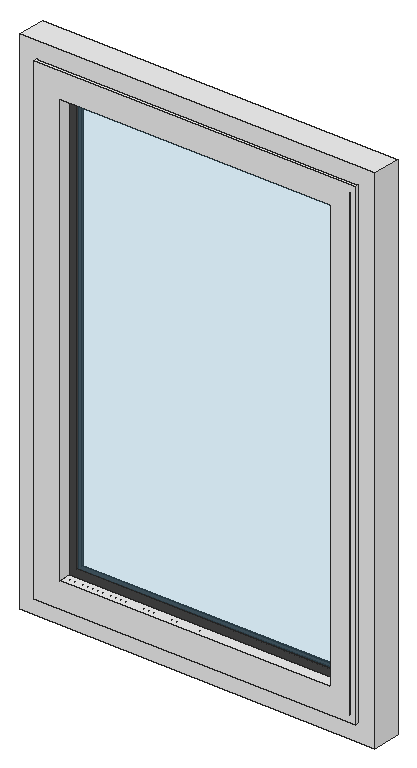
Revit family "Window_System_Solutions-NanaWall-SL-88_Tilt_Turn_Window", category Windows, host Wall, Revit 2013
Parameters (values of type "Fixed Window")
  Width = 36"
  Warranty URL = "http://www.nanawall.com/support/warranty"
  URL = "http://www.nanawall.com"
  Subcategory = "Window"  # constant formula
  Sash = Metal - NanaWall - Aluminum
  Rough Width = Width - 1 25/64"  # 34 39/64"
  Rough Height = Height - 1 25/64"  # 52 39/64"
  Product Page URL = "http://www.nanawall.com/products/sl80/matching-windows"
  Product Documentation Link = "http://www.nanawall.com/cad/configuration/details?id=24&name=SL88&typ=match&cid=457&key=Tilt%20Turn%20Window"
  NanaWall Configurator = "http://www.nanawall.com/content/select-wizard"
  Model = "SL-88 Tilt Turn Window"  # constant formula
  Material = ""
  Manufacturer Toll Free Phone = "(888) 411-NANA(6262)"  # constant formula
  Manufacturer Phone = "(415) 383-3148"  # constant formula
  Manufacturer Fax = "(415) 383-0312"  # constant formula
  Manufacturer Email = "mailto:info@nanawall.com"
  Manufacturer Address = "100 Meadowcreek Drive #250, Corte Madera, CA 94925"  # constant formula
  Manufacturer = "NanaWall Systems, Inc."  # constant formula
  Installation and Service URL = "http://www.nanawall.com/support/installer"
  Height = 54"
  Glazing Options = "http://www.nanawall.com/products/sl48/glazing"
  Glass Material = Glass - NanaWall - Generic
  Filler = Rubber - NanaWall - Black
  Exterior Wall Offset = 3"
  Disclaimer = "Please note that the Revit model is for schematic purposes only.  To obtain a detailed 3D model, please go to the NanaWall's configurator at www.nanawall.com."  # constant formula
  Description = "Monumental Aluminum Framed Matching Windows and Doors"  # constant formula
  Wall Closure = By host
  Default Sill Height = 30"
  Assembly Code = ""
  95 CSI = "8411"  # constant formula
  04 CSI = "08 52 00"  # constant formula
Reference planes (in)
  plane 1 "Center (Front/Back)": y = 0
  plane 2: z = 0
  plane 3 "Center (Left/Right)": x = 0
  plane 4 "Left": x = -18
  plane 5 "Right": x = 18
  plane 6 "Sill": z = 30
  plane 7 "Top": z = 84
  plane 8: y = 1.125
  plane 9: y = 2
  plane 10: x = -15.640625
  plane 11: x = 15.640625
  plane 12: x = -19.875
  plane 13: x = 19.875
  plane 14: z = 85.875
  plane 15: z = 28.125
Forms (in)
  Sweep 1, solid, material "Metal - NanaWall - Aluminum" <- "Sash"
    path origin (18, 2, 48) x (1, 0, 0) y (0, 0, 1)
      loop
        line (-36, 36) -> (-36, -18) -> (0, -18) -> (0, 36) -> (-36, 36)
    profile "Frame : Frame" origin (0, 2, 84) x (0, 0, 1) y (0, -1, 0)
      loop
        line (1.875, -1.5625) -> (1.875, 1.5625) -> (0, 1.5625) -> (0, 1.953125) -> (-2.8125, 1.953125) -> (-2.8125, 0.6640625) -> (-2.4726563, 0.6640625) -> (-2.4726563, 0.8200336) -> (-2.5976563, 0.8203125) -> (-2.5976563, 1.2304688) -> (-2.7460938, 1.2304688) -> (-2.7460938, 1.875) -> (-2.0962196, 1.875) -> (-2.0125033, 1.4165066) -> (-2.109375, 1.3905499) -> (-2.109375, -0.703125) -> (-2.8125, -0.7012771) -> (-2.8125, -0.8984375)
        arc (-2.8125, -0.8984375) -> (-2.732412, -1.091787) -> (-2.5390625, -1.171875) r 0.2734375
        line (-2.5390625, -1.171875) -> (-1.2695313, -1.171875) -> (-1.2695313, -0.9375) -> (-1.0546875, -0.9375) -> (-1.0546875, -0.8789062) -> (-1.3867188, -0.8789062) -> (-1.3867188, -0.5859375) -> (-1.0546875, -0.5859375) -> (-1.0546875, -0.2854036) -> (-1.0047948, -0.2565981) -> (-0.8290136, -0.2148438) -> (-0.8290136, 0.4073588) -> (-1.0231708, 0.46252) -> (-1.0546875, 0.4807161) -> (-1.0546875, 0.703125) -> (-0.6835938, 0.703125) -> (-0.6835938, 1.8828125) -> (-0.2929688, 1.8828125) -> (-0.2929688, 1.7916854) -> (-0.234375, 1.7916854) -> (-0.234375, -1.09375) -> (-0.9375, -1.09375) -> (-0.9375, -1.2890625)
        arc (-0.9375, -1.2890625) -> (-0.857412, -1.482412) -> (-0.6640625, -1.5625) r 0.2734375
        line (-0.6640625, -1.5625) -> (1.875, -1.5625)
  Extrusion 2, void
    sketch origin (0, 0, 0) x (1, 0, 0) y (0, 0, 1)
      loop
        line (-19.875, 85.875) -> (-19.875, 28.125) -> (19.875, 28.125) -> (19.875, 85.875) -> (-19.875, 85.875)
    from -5 to 5
  Sweep 3, solid, material "Rubber - NanaWall - Black" <- "Filler"
    path origin (18, 2, 48) x (1, 0, 0) y (0, 0, 1)
      loop
        line (-36, 36) -> (-36, -18) -> (0, -18) -> (0, 36) -> (-36, 36)
    profile origin (0, 2, 84) x (0, 0, 1) y (0, -1, 0)
      loop
        line (-2.109375, -0.5167168) -> (-2.109375, 0.2957832) -> (-3.484375, 0.2957832) -> (-3.484375, 0.1395332) -> (-2.359375, 0.1395332) -> (-2.359375, -0.3604668) -> (-3.484375, -0.3604668) -> (-3.484375, -0.5167168) -> (-2.109375, -0.5167168)
  Extrusion 4, solid, material "Glass - NanaWall - Generic" <- "Glass Material"
    sketch origin (-18, 0, 0) x (0, -1, 0) y (0, 0, 1)
      loop
        line (-2.3604668, 81.640625) -> (-2.3604668, 32.359375) -> (-1.8604668, 32.359375) -> (-1.8604668, 81.640625) -> (-2.3604668, 81.640625)
    from -33.640625 to -2.359375
Lines and regions (in)
  Masking region 1
    outline origin (0, 0, 0) x (1, 0, 0) y (0, 1, 0)
      loop
        line (-19.875, 3.5625) -> (-19.875, 0.4375) -> (-18, 0.4375) -> (-18, 0.046875) -> (18, 0.046875) -> (18, 0.4375) -> (19.875, 0.4375) -> (19.875, 3.5625) -> (-19.875, 3.5625)
  Masking region 2
    outline origin (0, 0, 0) x (1, 0, 0) y (0, 1, 0)
      loop
        line (-15.890625, 2.5167168) -> (-15.890625, 1.7042168) -> (15.890625, 1.7042168) -> (15.890625, 2.5167168) -> (-15.890625, 2.5167168)
  Masking region 3, detail levels medium+fine
    outline origin (0, 0, 0) x (1, 0, 0) y (0, 1, 0)
      loop
        line (-15.640625, 2.3604668) -> (-15.640625, 1.8604668) -> (15.640625, 1.8604668) -> (15.640625, 2.3604668) -> (-15.640625, 2.3604668)
  symbolic lines, detail levels coarse+medium
    curve 1: line (-15.890625, 0.046875, 0) -> (-15.890625, 3.5625, 0)
    curve 2: line (15.890625, 0.046875, 0) -> (15.890625, 3.5625, 0)
  symbolic lines, detail levels fine
    curve 3: line (-15.4609375, 3.171875, 0) -> (15.4609375, 3.171875, 0)
Text (in)
  text "EXTERIOR" at (-58.6887958, 50.9069435, 0), in view "Ref. Level"
  text "INTERIOR" at (-58.6887958, -37.7663834, 0), in view "Ref. Level"
  text "Exterior" at (0, 43.6563107, 123.1960383), in view "Left"
  text "Exterior" at (0, 18.2938457, 125.0474676), in view "Right"
Dimensions and locks (in)
  equal spacing: plane 4 "Left", plane 3 "Center (Left/Right)", plane 5 "Right"
  "Width": plane 4 "Left" to plane 5 "Right"
  "Height": plane 6 "Sill" to plane 7 "Top"
  "Default Sill Height": plane 2 to plane 6 "Sill"
  locked: plane 8 to plane 9 at 0.875
  "Exterior Wall Offset": plane 9 to host wall
  locked: Extrusion 4 sketch curve to plane 7 "Top" at 2.359375
  locked: plane 6 "Sill" to Extrusion 4 sketch curve at 2.359375
  locked: plane 11 to plane 5 "Right" at 2.359375
  locked: plane 4 "Left" to plane 10 at 2.359375
  Sweep 3 sketch curve to Sweep 3 sketch curve to Sweep 3 sketch curve to Sweep 3 sketch curve to plane 7 "Top" = 0" locked, 1 1/8" locked, 1/4" locked, 2 7/64" locked
  Sweep 3 sketch curve to Sweep 3 sketch curve to plane 9 to Sweep 3 sketch curve to Sweep 3 sketch curve = 5/32" locked, 0.36047" locked, 0.13953" locked, 5/32" locked
  Extrusion 4 sketch curve to plane 9 to Extrusion 4 sketch curve = 0.36047" locked, 0.13953" locked
  locked: plane 11 to Masking region 2 sketch curve at 0.25
  locked: Masking region 2 sketch curve to plane 10 at 0.25
  Masking region 2 sketch curve to plane 9 to Masking region 2 sketch curve = 0.29578" locked, 0.51672" locked
  Masking region 3 sketch curve to plane 9 to Masking region 3 sketch curve = 0.13953" locked, 0.36047" locked
  Masking region 1 sketch curve to Masking region 1 sketch curve to plane 9 to Masking region 1 sketch curve = 25/64" locked, 1 9/16" locked, 1 9/16" locked
  locked: Masking region 1 sketch curve to plane 8 at 0.6875
  locked: plane 5 "Right" to Masking region 1 sketch curve at 1.875
  locked: Masking region 1 sketch curve to plane 4 "Left" at 1.875
  locked: plane 5 "Right" to plane 13 at 1.875
  locked: plane 12 to plane 4 "Left" at 1.875
  locked: plane 6 "Sill" to plane 15 at 1.875
  locked: plane 7 "Top" to plane 14 at 1.875
  aligned and locked: level to plane 2
  aligned and locked: plane 7 "Top" to Sweep 1 sketch curve
  aligned and locked: plane 5 "Right" to Sweep 1 sketch curve
  aligned and locked: Sweep 1 sketch curve to plane 4 "Left"
  aligned and locked: Sweep 1 sketch curve to plane 6 "Sill"
  aligned and locked: host wall to Extrusion 2  (x2)
  aligned and locked: plane 7 "Top" to Sweep 3 sketch curve
  aligned and locked: Sweep 3 sketch curve to plane 4 "Left"
  aligned and locked: plane 11 to Extrusion 4
  aligned and locked: plane 10 to Extrusion 4
  aligned and locked: nested 2 to plane 9
  aligned and locked: plane 9 to nested 1
  aligned and locked: plane 5 "Right" to nested 1
  aligned and locked: plane 6 "Sill" to nested 4
  aligned and locked: plane 7 "Top" to nested 3
  aligned and locked: plane 9 to nested 3
  aligned and locked: nested 4 to plane 9
  aligned and locked: Masking region 1 sketch curve to plane 5 "Right"
  aligned and locked: plane 4 "Left" to Masking region 1 sketch curve
  aligned and locked: Masking region 3 sketch curve to plane 11
  aligned and locked: Masking region 3 sketch curve to plane 10
  aligned and locked: Sweep 1 to curve 1
  aligned and locked: Sweep 1 to curve 2
  aligned and locked: plane 5 "Right" to Sweep 3 sketch curve
  aligned and locked: Sweep 3 sketch curve to plane 6 "Sill"
  aligned and locked: Extrusion 2 sketch curve to plane 13
  aligned and locked: plane 14 to Extrusion 2 sketch curve
  aligned and locked: plane 12 to Extrusion 2 sketch curve
  aligned and locked: Extrusion 2 sketch curve to plane 15
Automatic sketch dimensions
  plane 10 to curve 1 = 1/4"
  curve 3 to plane 10 = 23/128"
  curve 3 to plane 11 = 23/128"
  plane 11 to curve 2 = 1/4"
  curve 3 to plane 9 = 1 11/64"
  curve 3 to curve 2 = 25/64"
  curve 3 to curve 1 = 25/64"
Nested families (in)
  nested 1: "SL 88 Tilt Turn Detail" at (18, 2, 0) x (0, -1, 0) z (0, 0, 1), type "SL 88 Tilt Turn Detail", detail levels fine
  nested 2: "SL 88 Tilt Turn Detail" at (-18, 2, 0) x (0, -1, 0) z (0, 0, 1), type "SL 88 Tilt Turn Detail", detail levels fine
  nested 3: "SL 88 Tilt Turn Detail" at (-18, 2, 84) x (0, -1, 0) z (-1, 0, 0), type "SL 88 Tilt Turn Detail", detail levels fine
  nested 4: "SL 88 Tilt Turn Detail" at (-18, 2, 30) x (0, -1, 0) z (-1, 0, 0), type "SL 88 Tilt Turn Detail", detail levels fine
Definition of nested family "SL 88 Tilt Turn Detail"
  Reference planes (in)
    plane 1 "Center (Front/Back)": y = 0
    plane 2: z = 0
    plane 3 "Center (Left/Right)": x = 0
  Lines and regions (in)
    detail lines, in view "Ref. Level"
      curve 1: line (1.5625, -0.234375, 0) -> (1.5625, 1.875, 0)
      curve 2: line (1.171875, 1.8164062, 0) -> (1.171875, 1.875, 0)
      curve 3: line (1.2695312, 1.8164062, 0) -> (1.171875, 1.8164062, 0)
      curve 4: line (1.2695312, 1.640625, 0) -> (1.2695312, 1.8164062, 0)
      curve 5: line (0.6835937, 1.640625, 0) -> (1.2695312, 1.640625, 0)
      curve 6: line (0.6835937, 1.640625, 0) -> (0.6835937, 1.8164062, 0)
      curve 7: line (0.6835937, 1.8164062, 0) -> (0.78125, 1.8164062, 0)
      curve 8: line (0.78125, 1.8164062, 0) -> (0.78125, 1.875, 0)
      curve 9: line (0.78125, 1.875, 0) -> (0.4310898, 1.875, 0)
      curve 10: line (0.4885194, 1.775529, 0) -> (0.4310898, 1.875, 0)
      curve 11: line (0.4885194, 1.775529, 0) -> (0.3881742, 1.6751838, 0)
      curve 12: line (0.2910156, 1.850965, 0) -> (0.1582031, 1.850965, 0)
      curve 13: line (0.3881742, 1.6751838, 0) -> (0.2441406, 1.6751838, 0)
      curve 14: line (0.2441406, 1.6751838, 0) -> (0.2441406, 1.8119025, 0)
      curve 15: line (0.2441406, 1.8119025, 0) -> (0.2910156, 1.8119025, 0)
      curve 16: line (0.2050781, 1.8119025, 0) -> (0.1582031, 1.8119025, 0)
      curve 17: line (0.2050781, 1.8119025, 0) -> (0.2050781, 1.6751838, 0)
      curve 18: line (0.2050781, 1.6751838, 0) -> (-0.2050781, 1.6751838, 0)
      curve 19: line (-0.2050781, 1.6751838, 0) -> (-0.2050781, 1.8119025, 0)
      curve 20: line (-0.2050781, 1.8119025, 0) -> (-0.1582031, 1.8119025, 0)
      curve 21: line (-0.1582031, 1.850965, 0) -> (-0.2910156, 1.850965, 0)
      curve 22: line (-0.2910156, 1.8119025, 0) -> (-0.2441406, 1.8119025, 0)
      curve 23: line (-0.2441406, 1.8119025, 0) -> (-0.2441406, 1.6751838, 0)
      curve 24: line (-0.2441406, 1.6751838, 0) -> (-0.3881742, 1.6751838, 0)
      curve 25: line (-0.3881742, 1.6751838, 0) -> (-0.488603, 1.7756126, 0)
      curve 26: line (-0.488603, 1.7756126, 0) -> (-0.4312216, 1.875, 0)
      curve 27: line (-0.78125, 1.875, 0) -> (-0.4312216, 1.875, 0)
      curve 28: line (-0.78125, 1.875, 0) -> (-0.78125, 1.8164062, 0)
      curve 29: line (-0.78125, 1.8164062, 0) -> (-0.6835938, 1.8164062, 0)
      curve 30: line (-0.6835938, 1.8164062, 0) -> (-0.6835938, 1.640625, 0)
      curve 31: line (-0.6835938, 1.640625, 0) -> (-1.2695313, 1.640625, 0)
      curve 32: line (-1.2695313, 1.640625, 0) -> (-1.2695313, 1.8164062, 0)
      curve 33: line (-1.2695313, 1.8164062, 0) -> (-1.171875, 1.8164062, 0)
      curve 34: line (-1.171875, 1.8164062, 0) -> (-1.171875, 1.875, 0)
      curve 35: line (-1.171875, 1.875, 0) -> (-1.3789063, 1.875, 0)
      curve 36: line (-1.5625, 1.875, 0) -> (-1.5625, -0.6640625, 0)
      curve 37: line (0.9999249, -0.234375, 0) -> (0.442498, -0.234375, 0)
      curve 38: line (0.4985075, -0.1373636, 0) -> (0.442498, -0.234375, 0)
      curve 39: line (0.4985075, -0.1373636, 0) -> (0.3224036, -0.073267, 0)
      curve 40: line (0.2441406, -0.073267, 0) -> (0.2441406, -0.229517, 0)
      curve 41: line (0.2441406, -0.229517, 0) -> (0.1542969, -0.229517, 0)
      curve 42: line (0.1542969, -0.1904545, 0) -> (0.2050781, -0.1904545, 0)
      curve 43: line (0.2050781, -0.1904545, 0) -> (0.2050781, -0.073267, 0)
      curve 44: line (0.2050781, -0.073267, 0) -> (-0.2050781, -0.073267, 0)
      curve 45: line (-0.3224036, -0.073267, 0) -> (-0.2441406, -0.073267, 0)
      curve 46: line (-0.3224036, -0.073267, 0) -> (-0.4999468, -0.1378875, 0)
      curve 47: line (-0.4999468, -0.1378875, 0) -> (-0.437287, -0.234375, 0)
      curve 48: line (0.3224036, -0.073267, 0) -> (0.2441406, -0.073267, 0)
      curve 49: line (0.447072, -0.0055163, 0) -> (0.3542543, 0.1552486, 0)
      curve 50: line (0.3542543, 0.1552486, 0) -> (0.3125, 0.3310298, 0)
      curve 51: line (0.3125, 0.3310298, 0) -> (-0.3125, 0.3310298, 0)
      curve 52: line (0.447072, -0.0055163, 0) -> (0.6054688, 0.0973478, 0)
      curve 53: line (0.6054688, 0.9441541, 0) -> (0.6054688, 1.5251636, 0)
      curve 54: line (0.6054688, 1.5251636, 0) -> (0.4132844, 1.6361213, 0)
      curve 55: line (0.4132844, 1.6361213, 0) -> (0.2725592, 1.6361213, 0)
      curve 56: line (0.2725592, 1.6361213, 0) -> (0.2725592, 0.7494025, 0)
      curve 57: line (0.2725592, 0.7494025, 0) -> (0.3644465, 0.7494025, 0)
      curve 58: line (0.3644465, 0.7494025, 0) -> (0.4456363, 0.8900275, 0)
      curve 59: line (0.6054688, 0.9441541, 0) -> (0.5117188, 0.8900275, 0)
      curve 60: line (0.5117188, 0.8900275, 0) -> (0.4456363, 0.8900275, 0)
      curve 61: line (0.6054688, 0.7586858, 0) -> (0.5167045, 0.8099338, 0)
      curve 62: line (0.5167045, 0.8099338, 0) -> (0.471563, 0.8099338, 0)
      curve 63: line (0.4140625, 0.71034, 0) -> (0.471563, 0.8099338, 0)
      curve 64: line (0.4140625, 0.71034, 0) -> (-0.6054688, 0.71034, 0)
      curve 65: line (1.484375, 1.5703125, 0) -> (0.6835937, 1.5703125, 0)
      curve 66: line (0.6835937, 1.5703125, 0) -> (0.6835937, 0.2304687, 0)
      curve 67: line (0.6835937, -0.1640625, 0) -> (0.8671875, -0.1640625, 0)
      curve 68: line (0.8671875, -0.1640625, 0) -> (0.8671875, 0.03125, 0)
      curve 69: line (1.484375, 0.03125, 0) -> (0.8671875, 0.03125, 0)
      curve 70: line (1.484375, 0.03125, 0) -> (1.484375, 0.1601562, 0)
      curve 71: line (-0.6835938, 1.5703125, 0) -> (-0.6835938, 0.2304687, 0)
      curve 72: line (-0.6835938, 0.2304687, 0) -> (-1.484375, 0.2304687, 0)
      curve 73: line (-1.484375, 0.2304687, 0) -> (-1.484375, 1.5703125, 0)
      curve 74: line (-1.484375, 1.5703125, 0) -> (-0.6835938, 1.5703125, 0)
      curve 75: line (-1.1523437, 0.1601562, 0) -> (-1.484375, 0.1601562, 0)
      curve 76: line (-1.484375, 0.1601562, 0) -> (-1.484375, -0.0859375, 0)
      curve 77: line (-1.2695312, -0.859375, 0) -> (-1.2695312, -0.5463918, 0)
      curve 78: line (-1.1523437, -0.5463918, 0) -> (-1.2695312, -0.5463918, 0)
      curve 79: line (-1.1523437, -0.5463918, 0) -> (-1.1523437, -0.1445313, 0)
      curve 80: arc (-1.484375, -0.6640625, 0) -> (-1.4199159, -0.8089778, 0) -> (-1.2695312, -0.859375, 0) r 0.1969307
      curve 81: arc (-1.2890625, -0.9375, 0) -> (-1.482412, -0.857412, 0) -> (-1.5625, -0.6640625, 0) r 0.2734375
      curve 82: line (-1.09375, -0.9375, 0) -> (-1.09375, -0.8398438, 0)
      curve 83: line (-1.09375, 0.1601562, 0) -> (-0.6835938, 0.1601562, 0)
      curve 84: line (-0.6835938, 0.1601562, 0) -> (-0.6835938, -0.234375, 0)
      curve 85: line (-0.6054688, 0.71034, 0) -> (-0.6054688, 0.0973478, 0)
      curve 86: line (1.484375, -0.165628, 0) -> (1.484375, -0.0390625, 0)
      curve 87: line (1.484375, -0.0390625, 0) -> (0.9375, -0.0390625, 0)
      curve 88: line (0.9375, -0.0390625, 0) -> (0.9375, -0.165628, 0)
      curve 89: line (-1.2890625, -0.9375, 0) -> (-1.09375, -0.9375, 0)
      curve 90: line (0.2910156, 1.8119025, 0) -> (0.2910156, 1.850965, 0)
      curve 91: line (0.1582031, 1.850965, 0) -> (0.1582031, 1.8119025, 0)
      curve 92: line (-0.1582031, 1.850965, 0) -> (-0.1582031, 1.8119025, 0)
      curve 93: line (-0.2910156, 1.850965, 0) -> (-0.2910156, 1.8119025, 0)
      curve 94: line (0.6054688, 0.0973478, 0) -> (0.6054688, 0.7586858, 0)
      curve 95: line (0.1542969, -0.229517, 0) -> (0.1542969, -0.1904545, 0)
      curve 96: line (-0.2441406, -0.073267, 0) -> (-0.2441406, -0.229517, 0)
      curve 97: line (-0.2441406, -0.229517, 0) -> (-0.1542969, -0.229517, 0)
      curve 98: line (-0.1542969, -0.1904545, 0) -> (-0.2050781, -0.1904545, 0)
      curve 99: line (-0.2050781, -0.1904545, 0) -> (-0.2050781, -0.073267, 0)
      curve 100: line (-0.1542969, -0.229517, 0) -> (-0.1542969, -0.1904545, 0)
      curve 101: line (-0.6835938, -0.234375, 0) -> (-0.437287, -0.234375, 0)
      curve 102: line (-0.447072, -0.0055163, 0) -> (-0.3542543, 0.1552486, 0)
      curve 103: line (-0.3542543, 0.1552486, 0) -> (-0.3125, 0.3310298, 0)
      curve 104: line (-0.447072, -0.0055163, 0) -> (-0.6054688, 0.0973478, 0)
      curve 105: line (-0.6054687, 0.9441541, 0) -> (-0.6054687, 1.5251636, 0)
      curve 106: line (-0.6054687, 1.5251636, 0) -> (-0.4132844, 1.6361213, 0)
      curve 107: line (-0.4132844, 1.6361213, 0) -> (-0.2725592, 1.6361213, 0)
      curve 108: line (-0.2725592, 1.6361213, 0) -> (-0.2725592, 0.7494025, 0)
      curve 109: line (-0.2725592, 0.7494025, 0) -> (-0.3644465, 0.7494025, 0)
      curve 110: line (-0.3644465, 0.7494025, 0) -> (-0.4456363, 0.8900275, 0)
      curve 111: line (-0.6054687, 0.9441541, 0) -> (-0.5117188, 0.8900275, 0)
      curve 112: line (-0.5117188, 0.8900275, 0) -> (-0.4456363, 0.8900275, 0)
      curve 113: line (1.484375, 0.2304687, 0) -> (1.3867188, 0.2304687, 0)
      curve 114: line (1.484375, 0.1601562, 0) -> (1.3867188, 0.1601562, 0)
      curve 115: line (1.3867188, 0.1601562, 0) -> (1.3867188, 0.2304687, 0)
      curve 116: line (0.6835937, 0.2304687, 0) -> (0.78125, 0.2304687, 0)
      curve 117: line (0.78125, 0.2304687, 0) -> (0.78125, 0.1601562, 0)
      curve 118: line (0.78125, 0.1601562, 0) -> (0.6835937, 0.1601562, 0)
      curve 119: line (-1.3359375, 1.8359375, 0) -> (-1.3789063, 1.8359375, 0)
      curve 120: line (-1.3789063, 1.875, 0) -> (-1.3789063, 1.8359375, 0)
      curve 121: line (-1.3359375, 1.8359375, 0) -> (-1.3359375, 1.6679687, 0)
      curve 122: line (-1.3359375, 1.6679687, 0) -> (-1.5039063, 1.6679687, 0)
      curve 123: line (-1.5039063, 1.6679687, 0) -> (-1.5039063, 1.875, 0)
      curve 124: line (-1.1523437, -0.1445313, 0) -> (-1.2304687, -0.1445313, 0)
      curve 125: line (-1.1523437, -0.0859375, 0) -> (-1.2304687, -0.0859375, 0)
      curve 126: line (-1.2304687, -0.0859375, 0) -> (-1.2304687, -0.1445313, 0)
      curve 127: line (-1.484375, -0.5463918, 0) -> (-1.40625, -0.5463918, 0)
      curve 128: line (-1.40625, -0.5463918, 0) -> (-1.40625, -0.6054688, 0)
      curve 129: line (-1.484375, -0.6054688, 0) -> (-1.40625, -0.6054688, 0)
      curve 130: line (-1.484375, -0.1445313, 0) -> (-1.40625, -0.1445313, 0)
      curve 131: line (-1.484375, -0.0859375, 0) -> (-1.40625, -0.0859375, 0)
      curve 132: line (-1.40625, -0.1445313, 0) -> (-1.40625, -0.0859375, 0)
      curve 133: line (-1.09375, -0.234375, 0) -> (-0.9790465, -0.234375, 0)
      curve 134: line (-1.09375, -0.1757813, 0) -> (-0.9790465, -0.1757813, 0)
      curve 135: line (-0.9790465, -0.1757813, 0) -> (-0.9790465, -0.234375, 0)
      curve 136: line (-1.09375, -0.8398438, 0) -> (-1.1328125, -0.8398438, 0)
      curve 137: line (-1.1328125, -0.8398438, 0) -> (-1.1328125, -0.8884595, 0)
      curve 138: line (-1.1328125, -0.8884595, 0) -> (-1.2109375, -0.8884595, 0)
      curve 139: line (-1.2109375, -0.8884595, 0) -> (-1.2109375, -0.6054688, 0)
      curve 140: line (-1.2109375, -0.6054688, 0) -> (-1.1328125, -0.6054688, 0)
      curve 141: line (-1.1328125, -0.6054688, 0) -> (-1.1328125, -0.6835938, 0)
      curve 142: line (-1.1328125, -0.6835938, 0) -> (-1.09375, -0.6835938, 0)
      curve 143: line (-1.09375, -0.6835938, 0) -> (-1.09375, -0.234375, 0)
      curve 144: line (-1.484375, -0.1445313, 0) -> (-1.484375, -0.5463918, 0)
      curve 145: line (-1.484375, -0.6054688, 0) -> (-1.484375, -0.6640625, 0)
      curve 146: line (-1.1523437, -0.0859375, 0) -> (-1.1523437, 0.1601562, 0)
      curve 147: line (-1.09375, -0.1757813, 0) -> (-1.09375, 0.1601562, 0)
      curve 148: line (1.484375, 0.2304687, 0) -> (1.484375, 1.5703125, 0)
      curve 149: line (0.6835937, 0.1601562, 0) -> (0.6835937, -0.1640625, 0)
      curve 150: line (-1.5039063, 1.875, 0) -> (-1.5625, 1.875, 0)
      curve 151: line (1.171875, 1.875, 0) -> (1.3789063, 1.875, 0)
      curve 152: line (1.3359375, 1.8359375, 0) -> (1.3789063, 1.8359375, 0)
      curve 153: line (1.3789063, 1.875, 0) -> (1.3789063, 1.8359375, 0)
      curve 154: line (1.3359375, 1.8359375, 0) -> (1.3359375, 1.6679687, 0)
      curve 155: line (1.3359375, 1.6679687, 0) -> (1.5039063, 1.6679687, 0)
      curve 156: line (1.5039063, 1.6679687, 0) -> (1.5039063, 1.875, 0)
      curve 157: line (1.5039063, 1.875, 0) -> (1.5625, 1.875, 0)
      curve 158: line (1.5625, -0.234375, 0) -> (1.3867188, -0.234375, 0)
      curve 159: line (1.484375, -0.165628, 0) -> (1.3867188, -0.165628, 0)
      curve 160: line (1.3867188, -0.165628, 0) -> (1.3867188, -0.234375, 0)
      curve 161: line (0.9999249, -0.234375, 0) -> (0.9999249, -0.165628, 0)
      curve 162: line (0.9999249, -0.165628, 0) -> (0.9375, -0.165628, 0)
      curve 163: line (-1.171875, -1.2695313, 0) -> (-1.171875, -2.5390625, 0)
      curve 164: arc (-1.171875, -2.5390625, 0) -> (-1.091787, -2.732412, 0) -> (-0.8984375, -2.8125, 0) r 0.2734375
      curve 165: line (-0.8984375, -2.8125, 0) -> (-0.7012771, -2.8125, 0)
      curve 166: line (-0.7012771, -2.8125, 0) -> (-0.7012771, -2.7148438, 0)
      curve 167: line (-0.7012771, -2.7148438, 0) -> (-0.7421875, -2.7148438, 0)
      curve 168: line (-0.7421875, -2.7148438, 0) -> (-0.7421875, -2.7617188, 0)
      curve 169: line (-0.7421875, -2.7617188, 0) -> (-0.8203125, -2.7617188, 0)
      curve 170: line (-0.8203125, -2.7617188, 0) -> (-0.8203125, -2.5117188, 0)
      curve 171: line (-0.8203125, -2.5117188, 0) -> (-0.7421875, -2.5117188, 0)
      curve 172: line (-0.7421875, -2.5117188, 0) -> (-0.7421875, -2.5585938, 0)
      curve 173: line (-0.7421875, -2.5585938, 0) -> (-0.703125, -2.5585938, 0)
      curve 174: line (-0.703125, -2.5585938, 0) -> (-0.703125, -2.109375, 0)
      curve 175: line (-0.703125, -2.109375, 0) -> (-0.5859375, -2.109375, 0)
      curve 176: line (-0.5859375, -2.109375, 0) -> (-0.5859375, -2.0507813, 0)
      curve 177: line (-0.703125, -2.0507813, 0) -> (-0.5859375, -2.0507813, 0)
      curve 178: line (-0.703125, -2.0507813, 0) -> (-0.703125, -1.9296875, 0)
      curve 179: line (-0.703125, -1.9296875, 0) -> (-0.4296875, -1.9296875, 0)
      curve 180: line (-0.4296875, -1.9296875, 0) -> (-0.4296875, -2.109375, 0)
      curve 181: line (-0.4296875, -2.109375, 0) -> (-0.1885918, -2.109375, 0)
      curve 182: line (-1.171875, -1.2695313, 0) -> (-1.1132812, -1.2695313, 0)
      curve 183: line (-1.1132812, -1.2695313, 0) -> (-1.1132812, -1.3867188, 0)
      curve 184: line (-1.1132812, -1.3867188, 0) -> (-0.9375, -1.3867188, 0)
      curve 185: line (-0.9375, -1.3867188, 0) -> (-0.9375, -1.0839844, 0)
      curve 186: arc (-0.9375, -1.0839844, 0) -> (-0.9082031, -1.0546875, 0) -> (-0.8789062, -1.0839844, 0) r 0.0292969
      curve 187: line (-0.8789062, -1.0839844, 0) -> (-0.8789062, -1.3867188, 0)
      curve 188: line (-0.8789062, -1.3867188, 0) -> (-0.5859375, -1.3867188, 0)
      curve 189: line (-0.5859375, -1.3867188, 0) -> (-0.5859375, -1.0546875, 0)
      curve 190: line (-0.2854036, -1.0546875, 0) -> (-0.5859375, -1.0546875, 0)
      curve 191: line (-0.2854036, -1.0546875, 0) -> (-0.2565981, -1.0047948, 0)
      curve 192: line (-0.2565981, -1.0047948, 0) -> (-0.2148437, -0.8290136, 0)
      curve 193: line (-0.2148437, -0.8290136, 0) -> (0.4073588, -0.8290136, 0)
      curve 194: line (0.4073588, -0.8290136, 0) -> (0.46252, -1.0231708, 0)
      curve 195: line (0.46252, -1.0231708, 0) -> (0.4807161, -1.0546875, 0)
      curve 196: line (-1.0820312, -1.859375, 0) -> (-1.0820312, -1.4570313, 0)
      curve 197: line (-1.0820312, -1.4570313, 0) -> (-0.5859375, -1.4570313, 0)
      curve 198: line (-0.5859375, -1.4570313, 0) -> (-0.5859375, -1.6796875, 0)
      curve 199: line (-0.4296875, -1.6796875, 0) -> (-0.5859375, -1.6796875, 0)
      curve 200: line (-0.4296875, -1.6796875, 0) -> (-0.4296875, -1.859375, 0)
      curve 201: line (-0.4296875, -1.859375, 0) -> (-1.0820312, -1.859375, 0)
      curve 202: line (-1.09375, -1.9296875, 0) -> (-1.09375, -1.9921875, 0)
      curve 203: line (-1.09375, -2.0507813, 0) -> (-1.015625, -2.0507813, 0)
      curve 204: line (-1.09375, -1.9921875, 0) -> (-1.015625, -1.9921875, 0)
      curve 205: line (-0.7617187, -2.0507813, 0) -> (-0.8398437, -2.0507813, 0)
      curve 206: line (-0.7617187, -1.9921875, 0) -> (-0.8398437, -1.9921875, 0)
      curve 207: line (-0.7617187, -1.9921875, 0) -> (-0.7617187, -1.9296875, 0)
      curve 208: line (-0.7617187, -1.9296875, 0) -> (-1.09375, -1.9296875, 0)
      curve 209: line (-0.7617187, -2.0507813, 0) -> (-0.7617187, -2.453125, 0)
      curve 210: line (-0.7617187, -2.453125, 0) -> (-0.8807624, -2.453125, 0)
      curve 211: line (-0.8807624, -2.734375, 0) -> (-0.8807624, -2.453125, 0)
      curve 212: line (-1.09375, -2.453125, 0) -> (-1.015625, -2.453125, 0)
      curve 213: line (-1.09375, -2.5117188, 0) -> (-1.015625, -2.5117188, 0)
      curve 214: line (-1.09375, -2.453125, 0) -> (-1.09375, -2.0507813, 0)
      curve 215: arc (-1.09375, -2.5117188, 0) -> (-1.040113, -2.6736084, 0) -> (-0.8807624, -2.734375, 0) r 0.1988165
      curve 216: line (-0.5078125, -1.4337196, 0) -> (-0.1464844, -1.2251067, 0)
      curve 217: line (-0.1464844, -1.2251067, 0) -> (-0.1464844, -1.3895605, 0)
      curve 218: line (-0.1464844, -1.3895605, 0) -> (-0.0566406, -1.3895605, 0)
      curve 219: line (-0.0566406, -1.3895605, 0) -> (-0.0566406, -1.350498, 0)
      curve 220: line (-0.0566406, -1.350498, 0) -> (-0.1074219, -1.350498, 0)
      curve 221: line (-0.1074219, -1.350498, 0) -> (-0.1074219, -1.2333105, 0)
      curve 222: line (-0.1074219, -1.2333105, 0) -> (0.3027344, -1.2333105, 0)
      curve 223: line (0.3027344, -1.2333105, 0) -> (0.3027344, -1.350498, 0)
      curve 224: line (0.3027344, -1.350498, 0) -> (0.2519531, -1.350498, 0)
      curve 225: line (0.2519531, -1.350498, 0) -> (0.2519531, -1.3895605, 0)
      curve 226: line (0.2519531, -1.3895605, 0) -> (0.3417969, -1.3895605, 0)
      curve 227: line (0.3417969, -1.3895605, 0) -> (0.3417969, -1.2252079, 0)
      curve 228: line (0.703125, -1.4338208, 0) -> (0.3417969, -1.2252079, 0)
      curve 229: line (-0.5078125, -1.4337196, 0) -> (-0.5078125, -1.6015625, 0)
      curve 230: line (-0.5078125, -1.6015625, 0) -> (-0.3515625, -1.6015625, 0)
      curve 231: line (-0.3515625, -1.7793636, 0) -> (-0.3515625, -1.6015625, 0)
      curve 232: line (-0.3515625, -1.7793636, 0) -> (-0.1887554, -1.8733604, 0)
      curve 233: line (-0.1887554, -1.8733604, 0) -> (-0.100007, -1.7196436, 0)
      curve 234: line (-0.100007, -1.7196436, 0) -> (-0.0581941, -1.5438624, 0)
      curve 235: line (-0.0581941, -1.5438624, 0) -> (0.566039, -1.5438624, 0)
      curve 236: line (0.566039, -1.5438624, 0) -> (0.6109033, -1.7238034, 0)
      curve 237: line (0.6109033, -1.7238034, 0) -> (0.6969523, -1.8728446, 0)
      curve 238: line (0.859375, -1.7790699, 0) -> (0.6969523, -1.8728446, 0)
      curve 239: line (0.859375, -1.7790699, 0) -> (0.859375, -1.6640625, 0)
      curve 240: line (0.859375, -1.6640625, 0) -> (0.703125, -1.6640625, 0)
      curve 241: line (0.703125, -1.6640625, 0) -> (0.703125, -1.4338208, 0)
      curve 242: line (-0.2445935, -2.0123772, 0) -> (-0.1885918, -2.109375, 0)
      curve 243: line (-0.2445935, -2.0123772, 0) -> (-0.06832, -1.9482189, 0)
      curve 244: line (0.0101067, -1.9482189, 0) -> (-0.06832, -1.9482189, 0)
      curve 245: line (0.0101067, -1.9482189, 0) -> (0.0101067, -2.109375, 0)
      curve 246: line (0.1055744, -2.109375, 0) -> (0.1055744, -2.0653468, 0)
      curve 247: line (0.1055744, -2.0653468, 0) -> (0.0491692, -2.0653468, 0)
      curve 248: line (0.0491692, -2.0653468, 0) -> (0.0491692, -1.9481593, 0)
      curve 249: line (0.0491692, -1.9481593, 0) -> (0.4604876, -1.9481593, 0)
      curve 250: line (0.7894822, -1.9481593, 0) -> (0.6964043, -2.109375, 0)
      curve 251: line (1.3905499, -2.109375, 0) -> (0.6964043, -2.109375, 0)
      curve 252: line (0.703125, -1.0546875, 0) -> (0.4807161, -1.0546875, 0)
      curve 253: line (0.703125, -1.0546875, 0) -> (0.703125, -0.6835938, 0)
      curve 254: line (0.8789063, -0.6835938, 0) -> (0.703125, -0.6835938, 0)
      curve 255: line (0.8789063, -0.6835938, 0) -> (0.8789063, -0.7421875, 0)
      curve 256: line (0.8789063, -0.7421875, 0) -> (0.78125, -0.7421875, 0)
      curve 257: line (0.78125, -0.7421875, 0) -> (0.78125, -0.859375, 0)
      curve 258: line (0.78125, -0.859375, 0) -> (1.5625, -0.859375, 0)
      curve 259: line (1.5625, -0.859375, 0) -> (1.5625, -0.7421875, 0)
      curve 260: line (1.5625, -0.7421875, 0) -> (1.4648438, -0.7421875, 0)
      curve 261: line (1.4648438, -0.7421875, 0) -> (1.4648438, -0.6835938, 0)
      curve 262: line (1.4648438, -0.6835938, 0) -> (1.6325501, -0.6835938, 0)
      curve 263: line (1.6325501, -0.6835938, 0) -> (1.6325501, -0.859375, 0)
      curve 264: line (1.6325501, -0.859375, 0) -> (1.8828125, -0.859375, 0)
      curve 265: line (1.8828125, -0.859375, 0) -> (1.8828125, -0.2929688, 0)
      curve 266: line (1.8828125, -0.2929688, 0) -> (1.7916854, -0.2929688, 0)
      curve 267: line (1.7916854, -0.2070313, 0) -> (1.8359375, -0.2070313, 0)
      curve 268: line (1.8359375, -0.2070313, 0) -> (1.8359375, -0.2539063, 0)
      curve 269: line (1.8359375, -0.2539063, 0) -> (1.8945313, -0.2539063, 0)
      curve 270: line (1.8945313, -0.2539063, 0) -> (1.8945313, -0.046875, 0)
      curve 271: line (1.8945313, -0.046875, 0) -> (1.8359375, -0.046875, 0)
      curve 272: line (1.8359375, -0.046875, 0) -> (1.8359375, -0.0859375, 0)
      curve 273: line (1.8359375, -0.0859375, 0) -> (1.796875, -0.0859375, 0)
      curve 274: line (1.796875, -0.0859375, 0) -> (1.796875, 0, 0)
      curve 275: line (1.796875, 0, 0) -> (1.953125, 0, 0)
      curve 276: line (1.953125, 0, 0) -> (1.953125, -2.8125, 0)
      curve 277: line (1.953125, -2.8125, 0) -> (0.6640625, -2.8125, 0)
      curve 278: line (0.6640625, -2.8125, 0) -> (0.6640625, -2.7147629, 0)
      curve 279: line (0.6640625, -2.7147629, 0) -> (0.703125, -2.7147629, 0)
      curve 280: line (0.703125, -2.7539063, 0) -> (0.703125, -2.7147629, 0)
      curve 281: line (0.703125, -2.7539063, 0) -> (0.78125, -2.7539063, 0)
      curve 282: line (0.78125, -2.7539063, 0) -> (0.78125, -2.5195313, 0)
      curve 283: line (0.78125, -2.5195313, 0) -> (0.703125, -2.5195313, 0)
      curve 284: line (0.703125, -2.5195313, 0) -> (0.703125, -2.5585938, 0)
      curve 285: line (0.703125, -2.5585938, 0) -> (0.6640625, -2.5585938, 0)
      curve 286: line (0.6640625, -2.4726563, 0) -> (0.6640625, -2.5585938, 0)
      curve 287: line (0.6640625, -2.4726563, 0) -> (0.8200336, -2.4726563, 0)
      curve 288: line (0.8200336, -2.4726563, 0) -> (0.8203125, -2.5976563, 0)
      curve 289: line (0.8203125, -2.5976563, 0) -> (0.9765625, -2.5976563, 0)
      curve 290: line (0.9765625, -2.6367188, 0) -> (0.9765625, -2.5976563, 0)
      curve 291: line (0.9765625, -2.6367188, 0) -> (0.8203997, -2.6367188, 0)
      curve 292: line (0.8203997, -2.6367188, 0) -> (0.8203125, -2.7460938, 0)
      curve 293: line (0.8203125, -2.7460938, 0) -> (1.1914063, -2.7460938, 0)
      curve 294: line (1.1914063, -2.7460938, 0) -> (1.1914063, -2.6367188, 0)
      curve 295: line (1.1914063, -2.6367188, 0) -> (1.1328125, -2.6367188, 0)
      curve 296: line (1.1328125, -2.6367188, 0) -> (1.1328125, -2.5976563, 0)
      curve 297: line (1.1328125, -2.5976563, 0) -> (1.2304688, -2.5976563, 0)
      curve 298: line (1.2304688, -2.5976563, 0) -> (1.2304688, -2.7460938, 0)
      curve 299: line (1.2304688, -2.7460938, 0) -> (1.875, -2.7460938, 0)
      curve 300: line (1.875, -2.7460938, 0) -> (1.875, -2.1992188, 0)
      curve 301: line (1.3905499, -2.109375, 0) -> (1.4165066, -2.0125033, 0)
      curve 302: line (1.4165066, -2.0125033, 0) -> (1.699679, -2.0642078, 0)
      curve 303: line (1.875, -2.1992188, 0) -> (1.7773438, -2.1992188, 0)
      curve 304: line (1.3675869, -1.9479794, 0) -> (1.875, -2.040628, 0)
      curve 305: line (1.875, -2.040628, 0) -> (1.875, -1.9140625, 0)
      curve 306: line (1.875, -1.9140625, 0) -> (1.328125, -1.9140625, 0)
      curve 307: line (1.328125, -1.9140625, 0) -> (1.328125, -2.0507813, 0)
      curve 308: line (1.328125, -2.0507813, 0) -> (1.3675869, -1.9479794, 0)
      curve 309: arc (1.7773438, -2.1992188, 0) -> (1.699466, -2.154174, 0) -> (1.699679, -2.0642078, 0) r 0.0898438
      curve 310: line (0.78125, -1.5859375, 0) -> (0.78125, -0.9296875, 0)
      curve 311: line (0.78125, -0.9296875, 0) -> (1.8320313, -0.9296875, 0)
      curve 312: line (1.8320313, -0.9296875, 0) -> (1.8320313, -1.0258416, 0)
      curve 313: line (1.8320313, -1.0258416, 0) -> (1.875, -1.0258416, 0)
      curve 314: line (1.875, -1.0258416, 0) -> (1.875, -1.4882813, 0)
      curve 315: line (1.875, -1.4882813, 0) -> (1.8320313, -1.4882813, 0)
      curve 316: line (1.8320313, -1.4882813, 0) -> (1.8320313, -1.5859375, 0)
      curve 317: line (1.8320313, -1.5859375, 0) -> (1.7471655, -1.5859375, 0)
      curve 318: line (1.8828125, -1.6445313, 0) -> (1.7471655, -1.6445313, 0)
      curve 319: line (1.8828125, -1.6445313, 0) -> (1.8828125, -1.84375, 0)
      curve 320: line (1.8828125, -1.84375, 0) -> (1.2565802, -1.84375, 0)
      curve 321: line (1.2565802, -2.0390625, 0) -> (1.2565802, -1.84375, 0)
      curve 322: line (1.2565802, -2.0390625, 0) -> (0.9375, -2.0390625, 0)
      curve 323: line (0.9375, -2.0390625, 0) -> (0.9375, -1.5859375, 0)
      curve 324: line (0.9375, -1.5859375, 0) -> (0.78125, -1.5859375, 0)
      curve 325: line (-1.015625, -2.5117188, 0) -> (-1.015625, -2.453125, 0)
      curve 326: line (-1.015625, -2.0507813, 0) -> (-1.015625, -1.9921875, 0)
      curve 327: line (-0.8398437, -1.9921875, 0) -> (-0.8398437, -2.0507813, 0)
      curve 328: line (1.7471655, -1.6445313, 0) -> (1.7471655, -1.5859375, 0)
      curve 329: line (1.7916854, -0.2929688, 0) -> (1.7916854, -0.2070313, 0)
      curve 330: line (0.0101067, -2.109375, 0) -> (0.1055744, -2.109375, 0)
      curve 331: line (0.4604876, -1.9481593, 0) -> (0.4604876, -2.0653468, 0)
      curve 332: line (0.4604876, -2.0653468, 0) -> (0.4097064, -2.0653468, 0)
      curve 333: line (0.4097064, -2.0653468, 0) -> (0.4097064, -2.109375, 0)
      curve 334: line (0.4988454, -1.9481593, 0) -> (0.4988454, -2.109375, 0)
      curve 335: line (0.4097064, -2.109375, 0) -> (0.4988454, -2.109375, 0)
      curve 336: line (0.4988454, -1.9481593, 0) -> (0.7894822, -1.9481593, 0)
